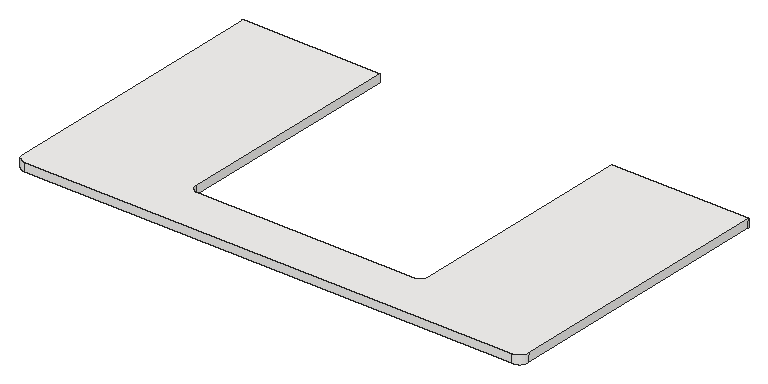
Revit family "console with cutout for countertop basin ground", category Furniture, Revit 2019 (continued)
  Console 1360_550 with cutout left for countertop basin ground 500_480-54097050-GLOSSY_WHITE-200 | "10" | "GLOSSY_WHITE" | "Surfaces:    - 54097050 High Gloss White  - 54097910 Diamond Matt Grey  - 54097230 Natural Oak  - 54097630 Dark Walnut      Specification:" | "https://pro.hansgrohe.com/articledetail--54097050" | "54097XXX" | "Console 1360/550 with cutout left for countertop basin ground 500/480-54097050-GLOSSY_WHITE-200" | "Xelu Q Console 1360/550 with cutout left for countertop basin ground 500/480" | "Console 1360/550 with cutout left for countertop basin ground 500/480-54097050-GLOSSY_WHITE-200" | "{$CADENAS_DATA/23d-libs/hansgrohe/xelu_furniture/console_with_cutout_for_countertop_basin_ground/console_with_cutout_for_countertop_basinground.prj},380 {VTYP=3D},{NB=Console 1360/550 with cutout left for countertop basin ground 500/480-54097050-GLOSSY_WHITE-200},{LINA=Console 1360/550 with cutout left for countertop basin ground 500/480-54097050-GLOSSY_WHITE-200},{NN=Console with cutout for countertop basin ground},{DATE=10.03.2023 08:11:51},{GEOMDATE=08.03.2023 13:28:53},{VERSION=},{LINEID=130},{WBVAR=LODLEVEL},{WBNUMERIC=}  {NB=Console 1360/550 with cutout left for countertop basin ground 500/480-54097050-GLOSSY_WHITE-200},{LINA=Console 1360/550 with cutout left for countertop basin ground 500/480-54097050-GLOSSY_WHITE-200},{KT=DUMMY},{IDNR=13},{ARTNR=54097050},{BASENUMBER=Console 1360/550 with cutout left for countertop basin ground 500/480},{MODEL=54097XXX},{SURFACE=GLOSSY_WHITE},{L=1360},{LODLEVEL=200},{LODLEVELX='400','400','200','200'},{L1=450},{LL=340},{NAME=Xelu Q Console 1360/550 with cutout left for countertop basin ground 500/480},{PERMALINK=54097XXX},{OBJECTTYPE=Object (single object)},{BIMOBJECT=Sanitary: Compound units },{PRODUCTFAMILY=Xelu Q},{PRODUCTGROUP=console},{WEIGHT=10},{DESCRIPTION=Xelu Q Console 1360/550 with cutout left for countertop basin ground 500/480},{SPECIFICATION=Surfaces:    - 54097050 High Gloss White  - 54097910 Diamond Matt Grey  - 54097230 Natural Oak  - 54097630 Dark Walnut      Specification:},{PRODUCTURL=https://pro.hansgrohe.com/articledetail--54097050},{GTINCODE=4059625457412},{TENDERURL=},{IFC=Furnishing element},{ETIM=EC011381 | Bathroom furniture set},{UNICLASS2015=Pr_40_20_76_94 | Vanity units},{OMNICLASS=23-19 31 17 11 | Bathroom Units},{MASTERFORMAT=12 35 30.23 | Bathroom Casework},{UNSPSC=56 | Furniture and Furnishings},{UNIFORMATII=E2010 | Fixed Furnishings},{REGIONSET=Worldwide},{DESIGN=Germany},{MANUFACTURER=Germany}" | "200" | 340 | "Console 1360/550 with cutout left for countertop basin ground 500/480-54097050-GLOSSY_WHITE-200" | 450 | 1360 | 13 | "4059625457412" | no | no | no | no | no | no | no | no | no | no | no | no | no | no | no | no | no | no | no | no | no | no | no | no | no | no | no | no | no | no | no | no | no | no | no | no | no | no | no | no | no | no | no | no | no | no | no | yes | no | no | no | no | no | no | no | no | no | no | no | no | no | no | no | no | "Console 1360/550 with cutout left for countertop basin ground 500/480" | "54097050"
  Console 1360_550 with cutout left for countertop basin ground 500_480-54097050-GLOSSY_WHITE-400 | "10" | "GLOSSY_WHITE" | "Surfaces:    - 54097050 High Gloss White  - 54097910 Diamond Matt Grey  - 54097230 Natural Oak  - 54097630 Dark Walnut      Specification:" | "https://pro.hansgrohe.com/articledetail--54097050" | "54097XXX" | "Console 1360/550 with cutout left for countertop basin ground 500/480-54097050-GLOSSY_WHITE-400" | "Xelu Q Console 1360/550 with cutout left for countertop basin ground 500/480" | "Console 1360/550 with cutout left for countertop basin ground 500/480-54097050-GLOSSY_WHITE-400" | "{$CADENAS_DATA/23d-libs/hansgrohe/xelu_furniture/console_with_cutout_for_countertop_basin_ground/console_with_cutout_for_countertop_basinground.prj},380 {VTYP=3D},{NB=Console 1360/550 with cutout left for countertop basin ground 500/480-54097050-GLOSSY_WHITE-400},{LINA=Console 1360/550 with cutout left for countertop basin ground 500/480-54097050-GLOSSY_WHITE-400},{NN=Console with cutout for countertop basin ground},{DATE=10.03.2023 08:11:51},{GEOMDATE=08.03.2023 13:28:53},{VERSION=},{LINEID=130},{WBVAR=LODLEVEL},{WBNUMERIC=}  {NB=Console 1360/550 with cutout left for countertop basin ground 500/480-54097050-GLOSSY_WHITE-400},{LINA=Console 1360/550 with cutout left for countertop basin ground 500/480-54097050-GLOSSY_WHITE-400},{KT=DUMMY},{IDNR=13},{ARTNR=54097050},{BASENUMBER=Console 1360/550 with cutout left for countertop basin ground 500/480},{MODEL=54097XXX},{SURFACE=GLOSSY_WHITE},{L=1360},{LODLEVEL=400},{LODLEVELX='400','400','200','200'},{L1=450},{LL=340},{NAME=Xelu Q Console 1360/550 with cutout left for countertop basin ground 500/480},{PERMALINK=54097XXX},{OBJECTTYPE=Object (single object)},{BIMOBJECT=Sanitary: Compound units },{PRODUCTFAMILY=Xelu Q},{PRODUCTGROUP=console},{WEIGHT=10},{DESCRIPTION=Xelu Q Console 1360/550 with cutout left for countertop basin ground 500/480},{SPECIFICATION=Surfaces:    - 54097050 High Gloss White  - 54097910 Diamond Matt Grey  - 54097230 Natural Oak  - 54097630 Dark Walnut      Specification:},{PRODUCTURL=https://pro.hansgrohe.com/articledetail--54097050},{GTINCODE=4059625457412},{TENDERURL=},{IFC=Furnishing element},{ETIM=EC011381 | Bathroom furniture set},{UNICLASS2015=Pr_40_20_76_94 | Vanity units},{OMNICLASS=23-19 31 17 11 | Bathroom Units},{MASTERFORMAT=12 35 30.23 | Bathroom Casework},{UNSPSC=56 | Furniture and Furnishings},{UNIFORMATII=E2010 | Fixed Furnishings},{REGIONSET=Worldwide},{DESIGN=Germany},{MANUFACTURER=Germany}" | "400" | 340 | "Console 1360/550 with cutout left for countertop basin ground 500/480-54097050-GLOSSY_WHITE-400" | 450 | 1360 | 13 | "4059625457412" | no | no | no | no | no | no | no | no | no | no | no | no | no | no | no | no | no | no | no | no | no | no | no | no | no | no | no | no | no | no | no | no | no | no | no | no | no | no | no | no | no | no | no | no | no | no | yes | no | no | no | no | no | no | no | no | no | no | no | no | no | no | no | no | no | "Console 1360/550 with cutout left for countertop basin ground 500/480" | "54097050"
  Console 1360_550 with cutout left for countertop basin ground 500_480-54097230-NATURAL_OAK-200 | "10" | "NATURAL_OAK" | "Surfaces:    - 54097050 High Gloss White  - 54097910 Diamond Matt Grey  - 54097230 Natural Oak  - 54097630 Dark Walnut      Specification:" | "https://pro.hansgrohe.com/articledetail--54097050" | "54097XXX" | "Console 1360/550 with cutout left for countertop basin ground 500/480-54097230-NATURAL_OAK-200" | "Xelu Q Console 1360/550 with cutout left for countertop basin ground 500/480" | "Console 1360/550 with cutout left for countertop basin ground 500/480-54097230-NATURAL_OAK-200" | "{$CADENAS_DATA/23d-libs/hansgrohe/xelu_furniture/console_with_cutout_for_countertop_basin_ground/console_with_cutout_for_countertop_basinground.prj},378 {VTYP=3D},{NB=Console 1360/550 with cutout left for countertop basin ground 500/480-54097230-NATURAL_OAK-200},{LINA=Console 1360/550 with cutout left for countertop basin ground 500/480-54097230-NATURAL_OAK-200},{NN=Console with cutout for countertop basin ground},{DATE=10.03.2023 08:11:51},{GEOMDATE=08.03.2023 13:28:53},{VERSION=},{LINEID=160},{WBVAR=LODLEVEL},{WBNUMERIC=}  {NB=Console 1360/550 with cutout left for countertop basin ground 500/480-54097230-NATURAL_OAK-200},{LINA=Console 1360/550 with cutout left for countertop basin ground 500/480-54097230-NATURAL_OAK-200},{KT=DUMMY},{IDNR=16},{ARTNR=54097230},{BASENUMBER=Console 1360/550 with cutout left for countertop basin ground 500/480},{MODEL=54097XXX},{SURFACE=NATURAL_OAK},{L=1360},{LODLEVEL=200},{LODLEVELX='400','400','200','200'},{L1=450},{LL=340},{NAME=Xelu Q Console 1360/550 with cutout left for countertop basin ground 500/480},{PERMALINK=54097XXX},{OBJECTTYPE=Object (single object)},{BIMOBJECT=Sanitary: Compound units },{PRODUCTFAMILY=Xelu Q},{PRODUCTGROUP=console},{WEIGHT=10},{DESCRIPTION=Xelu Q Console 1360/550 with cutout left for countertop basin ground 500/480},{SPECIFICATION=Surfaces:    - 54097050 High Gloss White  - 54097910 Diamond Matt Grey  - 54097230 Natural Oak  - 54097630 Dark Walnut      Specification:},{PRODUCTURL=https://pro.hansgrohe.com/articledetail--54097050},{GTINCODE=4059625457412},{TENDERURL=},{IFC=Furnishing element},{ETIM=EC011381 | Bathroom furniture set},{UNICLASS2015=Pr_40_20_76_94 | Vanity units},{OMNICLASS=23-19 31 17 11 | Bathroom Units},{MASTERFORMAT=12 35 30.23 | Bathroom Casework},{UNSPSC=56 | Furniture and Furnishings},{UNIFORMATII=E2010 | Fixed Furnishings},{REGIONSET=Worldwide},{DESIGN=Germany},{MANUFACTURER=Germany}" | "200" | 340 | "Console 1360/550 with cutout left for countertop basin ground 500/480-54097230-NATURAL_OAK-200" | 450 | 1360 | 16 | "4059625457412" | no | no | no | no | no | no | no | no | no | no | no | no | no | no | no | no | no | no | no | no | no | no | no | no | no | no | no | no | no | no | no | no | no | no | no | no | no | no | no | no | no | no | no | no | no | yes | no | no | no | no | no | no | no | no | no | no | no | no | no | no | no | no | no | no | "Console 1360/550 with cutout left for countertop basin ground 500/480" | "54097230"
  Console 1360_550 with cutout left for countertop basin ground 500_480-54097230-NATURAL_OAK-400 | "10" | "NATURAL_OAK" | "Surfaces:    - 54097050 High Gloss White  - 54097910 Diamond Matt Grey  - 54097230 Natural Oak  - 54097630 Dark Walnut      Specification:" | "https://pro.hansgrohe.com/articledetail--54097050" | "54097XXX" | "Console 1360/550 with cutout left for countertop basin ground 500/480-54097230-NATURAL_OAK-400" | "Xelu Q Console 1360/550 with cutout left for countertop basin ground 500/480" | "Console 1360/550 with cutout left for countertop basin ground 500/480-54097230-NATURAL_OAK-400" | "{$CADENAS_DATA/23d-libs/hansgrohe/xelu_furniture/console_with_cutout_for_countertop_basin_ground/console_with_cutout_for_countertop_basinground.prj},378 {VTYP=3D},{NB=Console 1360/550 with cutout left for countertop basin ground 500/480-54097230-NATURAL_OAK-400},{LINA=Console 1360/550 with cutout left for countertop basin ground 500/480-54097230-NATURAL_OAK-400},{NN=Console with cutout for countertop basin ground},{DATE=10.03.2023 08:11:51},{GEOMDATE=08.03.2023 13:28:53},{VERSION=},{LINEID=160},{WBVAR=LODLEVEL},{WBNUMERIC=}  {NB=Console 1360/550 with cutout left for countertop basin ground 500/480-54097230-NATURAL_OAK-400},{LINA=Console 1360/550 with cutout left for countertop basin ground 500/480-54097230-NATURAL_OAK-400},{KT=DUMMY},{IDNR=16},{ARTNR=54097230},{BASENUMBER=Console 1360/550 with cutout left for countertop basin ground 500/480},{MODEL=54097XXX},{SURFACE=NATURAL_OAK},{L=1360},{LODLEVEL=400},{LODLEVELX='400','400','200','200'},{L1=450},{LL=340},{NAME=Xelu Q Console 1360/550 with cutout left for countertop basin ground 500/480},{PERMALINK=54097XXX},{OBJECTTYPE=Object (single object)},{BIMOBJECT=Sanitary: Compound units },{PRODUCTFAMILY=Xelu Q},{PRODUCTGROUP=console},{WEIGHT=10},{DESCRIPTION=Xelu Q Console 1360/550 with cutout left for countertop basin ground 500/480},{SPECIFICATION=Surfaces:    - 54097050 High Gloss White  - 54097910 Diamond Matt Grey  - 54097230 Natural Oak  - 54097630 Dark Walnut      Specification:},{PRODUCTURL=https://pro.hansgrohe.com/articledetail--54097050},{GTINCODE=4059625457412},{TENDERURL=},{IFC=Furnishing element},{ETIM=EC011381 | Bathroom furniture set},{UNICLASS2015=Pr_40_20_76_94 | Vanity units},{OMNICLASS=23-19 31 17 11 | Bathroom Units},{MASTERFORMAT=12 35 30.23 | Bathroom Casework},{UNSPSC=56 | Furniture and Furnishings},{UNIFORMATII=E2010 | Fixed Furnishings},{REGIONSET=Worldwide},{DESIGN=Germany},{MANUFACTURER=Germany}" | "400" | 340 | "Console 1360/550 with cutout left for countertop basin ground 500/480-54097230-NATURAL_OAK-400" | 450 | 1360 | 16 | "4059625457412" | no | no | no | no | no | no | no | no | no | no | no | no | no | no | no | no | no | no | no | no | no | no | no | no | no | no | no | no | no | no | no | no | no | no | no | no | no | no | no | no | no | no | no | no | yes | no | no | no | no | no | no | no | no | no | no | no | no | no | no | no | no | no | no | no | "Console 1360/550 with cutout left for countertop basin ground 500/480" | "54097230"
  Console 1360_550 with cutout left for countertop basin ground 500_480-54097630-DARK_WALNUT-200 | "10" | "DARK_WALNUT" | "Surfaces:    - 54097050 High Gloss White  - 54097910 Diamond Matt Grey  - 54097230 Natural Oak  - 54097630 Dark Walnut      Specification:" | "https://pro.hansgrohe.com/articledetail--54097050" | "54097XXX" | "Console 1360/550 with cutout left for countertop basin ground 500/480-54097630-DARK_WALNUT-200" | "Xelu Q Console 1360/550 with cutout left for countertop basin ground 500/480" | "Console 1360/550 with cutout left for countertop basin ground 500/480-54097630-DARK_WALNUT-200" | "{$CADENAS_DATA/23d-libs/hansgrohe/xelu_furniture/console_with_cutout_for_countertop_basin_ground/console_with_cutout_for_countertop_basinground.prj},378 {VTYP=3D},{NB=Console 1360/550 with cutout left for countertop basin ground 500/480-54097630-DARK_WALNUT-200},{LINA=Console 1360/550 with cutout left for countertop basin ground 500/480-54097630-DARK_WALNUT-200},{NN=Console with cutout for countertop basin ground},{DATE=10.03.2023 08:11:51},{GEOMDATE=08.03.2023 13:28:53},{VERSION=},{LINEID=150},{WBVAR=LODLEVEL},{WBNUMERIC=}  {NB=Console 1360/550 with cutout left for countertop basin ground 500/480-54097630-DARK_WALNUT-200},{LINA=Console 1360/550 with cutout left for countertop basin ground 500/480-54097630-DARK_WALNUT-200},{KT=DUMMY},{IDNR=15},{ARTNR=54097630},{BASENUMBER=Console 1360/550 with cutout left for countertop basin ground 500/480},{MODEL=54097XXX},{SURFACE=DARK_WALNUT},{L=1360},{LODLEVEL=200},{LODLEVELX='400','400','200','200'},{L1=450},{LL=340},{NAME=Xelu Q Console 1360/550 with cutout left for countertop basin ground 500/480},{PERMALINK=54097XXX},{OBJECTTYPE=Object (single object)},{BIMOBJECT=Sanitary: Compound units },{PRODUCTFAMILY=Xelu Q},{PRODUCTGROUP=console},{WEIGHT=10},{DESCRIPTION=Xelu Q Console 1360/550 with cutout left for countertop basin ground 500/480},{SPECIFICATION=Surfaces:    - 54097050 High Gloss White  - 54097910 Diamond Matt Grey  - 54097230 Natural Oak  - 54097630 Dark Walnut      Specification:},{PRODUCTURL=https://pro.hansgrohe.com/articledetail--54097050},{GTINCODE=4059625457412},{TENDERURL=},{IFC=Furnishing element},{ETIM=EC011381 | Bathroom furniture set},{UNICLASS2015=Pr_40_20_76_94 | Vanity units},{OMNICLASS=23-19 31 17 11 | Bathroom Units},{MASTERFORMAT=12 35 30.23 | Bathroom Casework},{UNSPSC=56 | Furniture and Furnishings},{UNIFORMATII=E2010 | Fixed Furnishings},{REGIONSET=Worldwide},{DESIGN=Germany},{MANUFACTURER=Germany}" | "200" | 340 | "Console 1360/550 with cutout left for countertop basin ground 500/480-54097630-DARK_WALNUT-200" | 450 | 1360 | 15 | "4059625457412" | no | no | no | no | no | no | no | no | no | no | no | no | no | no | no | no | no | no | no | no | no | no | no | no | no | no | no | no | no | no | no | no | no | no | no | no | no | no | no | no | no | no | no | yes | no | no | no | no | no | no | no | no | no | no | no | no | no | no | no | no | no | no | no | no | "Console 1360/550 with cutout left for countertop basin ground 500/480" | "54097630"
  Console 1360_550 with cutout left for countertop basin ground 500_480-54097630-DARK_WALNUT-400 | "10" | "DARK_WALNUT" | "Surfaces:    - 54097050 High Gloss White  - 54097910 Diamond Matt Grey  - 54097230 Natural Oak  - 54097630 Dark Walnut      Specification:" | "https://pro.hansgrohe.com/articledetail--54097050" | "54097XXX" | "Console 1360/550 with cutout left for countertop basin ground 500/480-54097630-DARK_WALNUT-400" | "Xelu Q Console 1360/550 with cutout left for countertop basin ground 500/480" | "Console 1360/550 with cutout left for countertop basin ground 500/480-54097630-DARK_WALNUT-400" | "{$CADENAS_DATA/23d-libs/hansgrohe/xelu_furniture/console_with_cutout_for_countertop_basin_ground/console_with_cutout_for_countertop_basinground.prj},378 {VTYP=3D},{NB=Console 1360/550 with cutout left for countertop basin ground 500/480-54097630-DARK_WALNUT-400},{LINA=Console 1360/550 with cutout left for countertop basin ground 500/480-54097630-DARK_WALNUT-400},{NN=Console with cutout for countertop basin ground},{DATE=10.03.2023 08:11:51},{GEOMDATE=08.03.2023 13:28:53},{VERSION=},{LINEID=150},{WBVAR=LODLEVEL},{WBNUMERIC=}  {NB=Console 1360/550 with cutout left for countertop basin ground 500/480-54097630-DARK_WALNUT-400},{LINA=Console 1360/550 with cutout left for countertop basin ground 500/480-54097630-DARK_WALNUT-400},{KT=DUMMY},{IDNR=15},{ARTNR=54097630},{BASENUMBER=Console 1360/550 with cutout left for countertop basin ground 500/480},{MODEL=54097XXX},{SURFACE=DARK_WALNUT},{L=1360},{LODLEVEL=400},{LODLEVELX='400','400','200','200'},{L1=450},{LL=340},{NAME=Xelu Q Console 1360/550 with cutout left for countertop basin ground 500/480},{PERMALINK=54097XXX},{OBJECTTYPE=Object (single object)},{BIMOBJECT=Sanitary: Compound units },{PRODUCTFAMILY=Xelu Q},{PRODUCTGROUP=console},{WEIGHT=10},{DESCRIPTION=Xelu Q Console 1360/550 with cutout left for countertop basin ground 500/480},{SPECIFICATION=Surfaces:    - 54097050 High Gloss White  - 54097910 Diamond Matt Grey  - 54097230 Natural Oak  - 54097630 Dark Walnut      Specification:},{PRODUCTURL=https://pro.hansgrohe.com/articledetail--54097050},{GTINCODE=4059625457412},{TENDERURL=},{IFC=Furnishing element},{ETIM=EC011381 | Bathroom furniture set},{UNICLASS2015=Pr_40_20_76_94 | Vanity units},{OMNICLASS=23-19 31 17 11 | Bathroom Units},{MASTERFORMAT=12 35 30.23 | Bathroom Casework},{UNSPSC=56 | Furniture and Furnishings},{UNIFORMATII=E2010 | Fixed Furnishings},{REGIONSET=Worldwide},{DESIGN=Germany},{MANUFACTURER=Germany}" | "400" | 340 | "Console 1360/550 with cutout left for countertop basin ground 500/480-54097630-DARK_WALNUT-400" | 450 | 1360 | 15 | "4059625457412" | no | no | no | no | no | no | no | no | no | no | no | no | no | no | no | no | no | no | no | no | no | no | no | no | no | no | no | no | no | no | no | no | no | no | no | no | no | no | no | no | no | no | yes | no | no | no | no | no | no | no | no | no | no | no | no | no | no | no | no | no | no | no | no | no | "Console 1360/550 with cutout left for countertop basin ground 500/480" | "54097630"
  Console 1360_550 with cutout left for countertop basin ground 500_480-54097910-DIAMOND_GREY-200 | "10" | "DIAMOND_GREY" | "Surfaces:    - 54097050 High Gloss White  - 54097910 Diamond Matt Grey  - 54097230 Natural Oak  - 54097630 Dark Walnut      Specification:" | "https://pro.hansgrohe.com/articledetail--54097050" | "54097XXX" | "Console 1360/550 with cutout left for countertop basin ground 500/480-54097910-DIAMOND_GREY-200" | "Xelu Q Console 1360/550 with cutout left for countertop basin ground 500/480" | "Console 1360/550 with cutout left for countertop basin ground 500/480-54097910-DIAMOND_GREY-200" | "{$CADENAS_DATA/23d-libs/hansgrohe/xelu_furniture/console_with_cutout_for_countertop_basin_ground/console_with_cutout_for_countertop_basinground.prj},380 {VTYP=3D},{NB=Console 1360/550 with cutout left for countertop basin ground 500/480-54097910-DIAMOND_GREY-200},{LINA=Console 1360/550 with cutout left for countertop basin ground 500/480-54097910-DIAMOND_GREY-200},{NN=Console with cutout for countertop basin ground},{DATE=10.03.2023 08:11:51},{GEOMDATE=08.03.2023 13:28:53},{VERSION=},{LINEID=140},{WBVAR=LODLEVEL},{WBNUMERIC=}  {NB=Console 1360/550 with cutout left for countertop basin ground 500/480-54097910-DIAMOND_GREY-200},{LINA=Console 1360/550 with cutout left for countertop basin ground 500/480-54097910-DIAMOND_GREY-200},{KT=DUMMY},{IDNR=14},{ARTNR=54097910},{BASENUMBER=Console 1360/550 with cutout left for countertop basin ground 500/480},{MODEL=54097XXX},{SURFACE=DIAMOND_GREY},{L=1360},{LODLEVEL=200},{LODLEVELX='400','400','200','200'},{L1=450},{LL=340},{NAME=Xelu Q Console 1360/550 with cutout left for countertop basin ground 500/480},{PERMALINK=54097XXX},{OBJECTTYPE=Object (single object)},{BIMOBJECT=Sanitary: Compound units },{PRODUCTFAMILY=Xelu Q},{PRODUCTGROUP=console},{WEIGHT=10},{DESCRIPTION=Xelu Q Console 1360/550 with cutout left for countertop basin ground 500/480},{SPECIFICATION=Surfaces:    - 54097050 High Gloss White  - 54097910 Diamond Matt Grey  - 54097230 Natural Oak  - 54097630 Dark Walnut      Specification:},{PRODUCTURL=https://pro.hansgrohe.com/articledetail--54097050},{GTINCODE=4059625457412},{TENDERURL=},{IFC=Furnishing element},{ETIM=EC011381 | Bathroom furniture set},{UNICLASS2015=Pr_40_20_76_94 | Vanity units},{OMNICLASS=23-19 31 17 11 | Bathroom Units},{MASTERFORMAT=12 35 30.23 | Bathroom Casework},{UNSPSC=56 | Furniture and Furnishings},{UNIFORMATII=E2010 | Fixed Furnishings},{REGIONSET=Worldwide},{DESIGN=Germany},{MANUFACTURER=Germany}" | "200" | 340 | "Console 1360/550 with cutout left for countertop basin ground 500/480-54097910-DIAMOND_GREY-200" | 450 | 1360 | 14 | "4059625457412" | no | no | no | no | no | no | no | no | no | no | no | no | no | no | no | no | no | no | no | no | no | no | no | no | no | no | no | no | no | no | no | no | no | no | no | no | no | no | no | no | no | yes | no | no | no | no | no | no | no | no | no | no | no | no | no | no | no | no | no | no | no | no | no | no | "Console 1360/550 with cutout left for countertop basin ground 500/480" | "54097910"
  Console 1360_550 with cutout left for countertop basin ground 500_480-54097910-DIAMOND_GREY-400 | "10" | "DIAMOND_GREY" | "Surfaces:    - 54097050 High Gloss White  - 54097910 Diamond Matt Grey  - 54097230 Natural Oak  - 54097630 Dark Walnut      Specification:" | "https://pro.hansgrohe.com/articledetail--54097050" | "54097XXX" | "Console 1360/550 with cutout left for countertop basin ground 500/480-54097910-DIAMOND_GREY-400" | "Xelu Q Console 1360/550 with cutout left for countertop basin ground 500/480" | "Console 1360/550 with cutout left for countertop basin ground 500/480-54097910-DIAMOND_GREY-400" | "{$CADENAS_DATA/23d-libs/hansgrohe/xelu_furniture/console_with_cutout_for_countertop_basin_ground/console_with_cutout_for_countertop_basinground.prj},380 {VTYP=3D},{NB=Console 1360/550 with cutout left for countertop basin ground 500/480-54097910-DIAMOND_GREY-400},{LINA=Console 1360/550 with cutout left for countertop basin ground 500/480-54097910-DIAMOND_GREY-400},{NN=Console with cutout for countertop basin ground},{DATE=10.03.2023 08:11:51},{GEOMDATE=08.03.2023 13:28:53},{VERSION=},{LINEID=140},{WBVAR=LODLEVEL},{WBNUMERIC=}  {NB=Console 1360/550 with cutout left for countertop basin ground 500/480-54097910-DIAMOND_GREY-400},{LINA=Console 1360/550 with cutout left for countertop basin ground 500/480-54097910-DIAMOND_GREY-400},{KT=DUMMY},{IDNR=14},{ARTNR=54097910},{BASENUMBER=Console 1360/550 with cutout left for countertop basin ground 500/480},{MODEL=54097XXX},{SURFACE=DIAMOND_GREY},{L=1360},{LODLEVEL=400},{LODLEVELX='400','400','200','200'},{L1=450},{LL=340},{NAME=Xelu Q Console 1360/550 with cutout left for countertop basin ground 500/480},{PERMALINK=54097XXX},{OBJECTTYPE=Object (single object)},{BIMOBJECT=Sanitary: Compound units },{PRODUCTFAMILY=Xelu Q},{PRODUCTGROUP=console},{WEIGHT=10},{DESCRIPTION=Xelu Q Console 1360/550 with cutout left for countertop basin ground 500/480},{SPECIFICATION=Surfaces:    - 54097050 High Gloss White  - 54097910 Diamond Matt Grey  - 54097230 Natural Oak  - 54097630 Dark Walnut      Specification:},{PRODUCTURL=https://pro.hansgrohe.com/articledetail--54097050},{GTINCODE=4059625457412},{TENDERURL=},{IFC=Furnishing element},{ETIM=EC011381 | Bathroom furniture set},{UNICLASS2015=Pr_40_20_76_94 | Vanity units},{OMNICLASS=23-19 31 17 11 | Bathroom Units},{MASTERFORMAT=12 35 30.23 | Bathroom Casework},{UNSPSC=56 | Furniture and Furnishings},{UNIFORMATII=E2010 | Fixed Furnishings},{REGIONSET=Worldwide},{DESIGN=Germany},{MANUFACTURER=Germany}" | "400" | 340 | "Console 1360/550 with cutout left for countertop basin ground 500/480-54097910-DIAMOND_GREY-400" | 450 | 1360 | 14 | "4059625457412" | no | no | no | no | no | no | no | no | no | no | no | no | no | no | no | no | no | no | no | no | no | no | no | no | no | no | no | no | no | no | no | no | no | no | no | no | no | no | no | no | yes | no | no | no | no | no | no | no | no | no | no | no | no | no | no | no | no | no | no | no | no | no | no | no | "Console 1360/550 with cutout left for countertop basin ground 500/480" | "54097910"
  Console 1360_550 with cutout right for countertop basin ground 500_480-54098050-GLOSSY_WHITE-200 | "10" | "GLOSSY_WHITE" | "Surfaces:    - 54098050 High Gloss White  - 54098910 Diamond Matt Grey  - 54098230 Natural Oak  - 54098630 Dark Walnut      Specification:" | "https://pro.hansgrohe.com/articledetail--54098050" | "54098XXX" | "Console 1360/550 with cutout right for countertop basin ground 500/480-54098050-GLOSSY_WHITE-200" | "Xelu Q Console 1360/550 with cutout right for countertop basin ground 500/480" | "Console 1360/550 with cutout right for countertop basin ground 500/480-54098050-GLOSSY_WHITE-200" | "{$CADENAS_DATA/23d-libs/hansgrohe/xelu_furniture/console_with_cutout_for_countertop_basin_ground/console_with_cutout_for_countertop_basinground.prj},382 {VTYP=3D},{NB=Console 1360/550 with cutout right for countertop basin ground 500/480-54098050-GLOSSY_WHITE-200},{LINA=Console 1360/550 with cutout right for countertop basin ground 500/480-54098050-GLOSSY_WHITE-200},{NN=Console with cutout for countertop basin ground},{DATE=10.03.2023 08:11:51},{GEOMDATE=08.03.2023 13:28:53},{VERSION=},{LINEID=170},{WBVAR=LODLEVEL},{WBNUMERIC=}  {NB=Console 1360/550 with cutout right for countertop basin ground 500/480-54098050-GLOSSY_WHITE-200},{LINA=Console 1360/550 with cutout right for countertop basin ground 500/480-54098050-GLOSSY_WHITE-200},{KT=DUMMY},{IDNR=17},{ARTNR=54098050},{BASENUMBER=Console 1360/550 with cutout right for countertop basin ground 500/480},{MODEL=54098XXX},{SURFACE=GLOSSY_WHITE},{L=1360},{LODLEVEL=200},{LODLEVELX='400','400','200','200'},{L1=450},{LL=1020},{NAME=Xelu Q Console 1360/550 with cutout right for countertop basin ground 500/480},{PERMALINK=54098XXX},{OBJECTTYPE=Object (single object)},{BIMOBJECT=Sanitary: Compound units },{PRODUCTFAMILY=Xelu Q},{PRODUCTGROUP=console},{WEIGHT=10},{DESCRIPTION=Xelu Q Console 1360/550 with cutout right for countertop basin ground 500/480},{SPECIFICATION=Surfaces:    - 54098050 High Gloss White  - 54098910 Diamond Matt Grey  - 54098230 Natural Oak  - 54098630 Dark Walnut      Specification:},{PRODUCTURL=https://pro.hansgrohe.com/articledetail--54098050},{GTINCODE=4059625457375},{TENDERURL=},{IFC=Furnishing element},{ETIM=EC011381 | Bathroom furniture set},{UNICLASS2015=Pr_40_20_76_94 | Vanity units},{OMNICLASS=23-19 31 17 11 | Bathroom Units},{MASTERFORMAT=12 35 30.23 | Bathroom Casework},{UNSPSC=56 | Furniture and Furnishings},{UNIFORMATII=E2010 | Fixed Furnishings},{REGIONSET=Worldwide},{DESIGN=Germany},{MANUFACTURER=Germany}" | "200" | 1020 | "Console 1360/550 with cutout right for countertop basin ground 500/480-54098050-GLOSSY_WHITE-200" | 450 | 1360 | 17 | "4059625457375" | no | no | no | no | no | no | no | no | no | no | no | no | no | no | no | no | no | no | no | no | no | no | no | no | no | no | no | no | no | no | no | no | no | no | no | no | no | no | no | yes | no | no | no | no | no | no | no | no | no | no | no | no | no | no | no | no | no | no | no | no | no | no | no | no | "Console 1360/550 with cutout right for countertop basin ground 500/480" | "54098050"
  Console 1360_550 with cutout right for countertop basin ground 500_480-54098050-GLOSSY_WHITE-400 | "10" | "GLOSSY_WHITE" | "Surfaces:    - 54098050 High Gloss White  - 54098910 Diamond Matt Grey  - 54098230 Natural Oak  - 54098630 Dark Walnut      Specification:" | "https://pro.hansgrohe.com/articledetail--54098050" | "54098XXX" | "Console 1360/550 with cutout right for countertop basin ground 500/480-54098050-GLOSSY_WHITE-400" | "Xelu Q Console 1360/550 with cutout right for countertop basin ground 500/480" | "Console 1360/550 with cutout right for countertop basin ground 500/480-54098050-GLOSSY_WHITE-400" | "{$CADENAS_DATA/23d-libs/hansgrohe/xelu_furniture/console_with_cutout_for_countertop_basin_ground/console_with_cutout_for_countertop_basinground.prj},382 {VTYP=3D},{NB=Console 1360/550 with cutout right for countertop basin ground 500/480-54098050-GLOSSY_WHITE-400},{LINA=Console 1360/550 with cutout right for countertop basin ground 500/480-54098050-GLOSSY_WHITE-400},{NN=Console with cutout for countertop basin ground},{DATE=10.03.2023 08:11:51},{GEOMDATE=08.03.2023 13:28:53},{VERSION=},{LINEID=170},{WBVAR=LODLEVEL},{WBNUMERIC=}  {NB=Console 1360/550 with cutout right for countertop basin ground 500/480-54098050-GLOSSY_WHITE-400},{LINA=Console 1360/550 with cutout right for countertop basin ground 500/480-54098050-GLOSSY_WHITE-400},{KT=DUMMY},{IDNR=17},{ARTNR=54098050},{BASENUMBER=Console 1360/550 with cutout right for countertop basin ground 500/480},{MODEL=54098XXX},{SURFACE=GLOSSY_WHITE},{L=1360},{LODLEVEL=400},{LODLEVELX='400','400','200','200'},{L1=450},{LL=1020},{NAME=Xelu Q Console 1360/550 with cutout right for countertop basin ground 500/480},{PERMALINK=54098XXX},{OBJECTTYPE=Object (single object)},{BIMOBJECT=Sanitary: Compound units },{PRODUCTFAMILY=Xelu Q},{PRODUCTGROUP=console},{WEIGHT=10},{DESCRIPTION=Xelu Q Console 1360/550 with cutout right for countertop basin ground 500/480},{SPECIFICATION=Surfaces:    - 54098050 High Gloss White  - 54098910 Diamond Matt Grey  - 54098230 Natural Oak  - 54098630 Dark Walnut      Specification:},{PRODUCTURL=https://pro.hansgrohe.com/articledetail--54098050},{GTINCODE=4059625457375},{TENDERURL=},{IFC=Furnishing element},{ETIM=EC011381 | Bathroom furniture set},{UNICLASS2015=Pr_40_20_76_94 | Vanity units},{OMNICLASS=23-19 31 17 11 | Bathroom Units},{MASTERFORMAT=12 35 30.23 | Bathroom Casework},{UNSPSC=56 | Furniture and Furnishings},{UNIFORMATII=E2010 | Fixed Furnishings},{REGIONSET=Worldwide},{DESIGN=Germany},{MANUFACTURER=Germany}" | "400" | 1020 | "Console 1360/550 with cutout right for countertop basin ground 500/480-54098050-GLOSSY_WHITE-400" | 450 | 1360 | 17 | "4059625457375" | no | no | no | no | no | no | no | no | no | no | no | no | no | no | no | no | no | no | no | no | no | no | no | no | no | no | no | no | no | no | no | no | no | no | no | no | no | no | yes | no | no | no | no | no | no | no | no | no | no | no | no | no | no | no | no | no | no | no | no | no | no | no | no | no | "Console 1360/550 with cutout right for countertop basin ground 500/480" | "54098050"
  Console 1360_550 with cutout right for countertop basin ground 500_480-54098230-NATURAL_OAK-200 | "10" | "NATURAL_OAK" | "Surfaces:    - 54098050 High Gloss White  - 54098910 Diamond Matt Grey  - 54098230 Natural Oak  - 54098630 Dark Walnut      Specification:" | "https://pro.hansgrohe.com/articledetail--54098050" | "54098XXX" | "Console 1360/550 with cutout right for countertop basin ground 500/480-54098230-NATURAL_OAK-200" | "Xelu Q Console 1360/550 with cutout right for countertop basin ground 500/480" | "Console 1360/550 with cutout right for countertop basin ground 500/480-54098230-NATURAL_OAK-200" | "{$CADENAS_DATA/23d-libs/hansgrohe/xelu_furniture/console_with_cutout_for_countertop_basin_ground/console_with_cutout_for_countertop_basinground.prj},380 {VTYP=3D},{NB=Console 1360/550 with cutout right for countertop basin ground 500/480-54098230-NATURAL_OAK-200},{LINA=Console 1360/550 with cutout right for countertop basin ground 500/480-54098230-NATURAL_OAK-200},{NN=Console with cutout for countertop basin ground},{DATE=10.03.2023 08:11:51},{GEOMDATE=08.03.2023 13:28:53},{VERSION=},{LINEID=200},{WBVAR=LODLEVEL},{WBNUMERIC=}  {NB=Console 1360/550 with cutout right for countertop basin ground 500/480-54098230-NATURAL_OAK-200},{LINA=Console 1360/550 with cutout right for countertop basin ground 500/480-54098230-NATURAL_OAK-200},{KT=DUMMY},{IDNR=20},{ARTNR=54098230},{BASENUMBER=Console 1360/550 with cutout right for countertop basin ground 500/480},{MODEL=54098XXX},{SURFACE=NATURAL_OAK},{L=1360},{LODLEVEL=200},{LODLEVELX='400','400','200','200'},{L1=450},{LL=1020},{NAME=Xelu Q Console 1360/550 with cutout right for countertop basin ground 500/480},{PERMALINK=54098XXX},{OBJECTTYPE=Object (single object)},{BIMOBJECT=Sanitary: Compound units },{PRODUCTFAMILY=Xelu Q},{PRODUCTGROUP=console},{WEIGHT=10},{DESCRIPTION=Xelu Q Console 1360/550 with cutout right for countertop basin ground 500/480},{SPECIFICATION=Surfaces:    - 54098050 High Gloss White  - 54098910 Diamond Matt Grey  - 54098230 Natural Oak  - 54098630 Dark Walnut      Specification:},{PRODUCTURL=https://pro.hansgrohe.com/articledetail--54098050},{GTINCODE=4059625457375},{TENDERURL=},{IFC=Furnishing element},{ETIM=EC011381 | Bathroom furniture set},{UNICLASS2015=Pr_40_20_76_94 | Vanity units},{OMNICLASS=23-19 31 17 11 | Bathroom Units},{MASTERFORMAT=12 35 30.23 | Bathroom Casework},{UNSPSC=56 | Furniture and Furnishings},{UNIFORMATII=E2010 | Fixed Furnishings},{REGIONSET=Worldwide},{DESIGN=Germany},{MANUFACTURER=Germany}" | "200" | 1020 | "Console 1360/550 with cutout right for countertop basin ground 500/480-54098230-NATURAL_OAK-200" | 450 | 1360 | 20 | "4059625457375" | no | no | no | no | no | no | no | no | no | no | no | no | no | no | no | no | no | no | no | no | no | no | no | no | no | no | no | no | no | no | no | no | no | no | no | no | no | yes | no | no | no | no | no | no | no | no | no | no | no | no | no | no | no | no | no | no | no | no | no | no | no | no | no | no | "Console 1360/550 with cutout right for countertop basin ground 500/480" | "54098230"
  Console 1360_550 with cutout right for countertop basin ground 500_480-54098230-NATURAL_OAK-400 | "10" | "NATURAL_OAK" | "Surfaces:    - 54098050 High Gloss White  - 54098910 Diamond Matt Grey  - 54098230 Natural Oak  - 54098630 Dark Walnut      Specification:" | "https://pro.hansgrohe.com/articledetail--54098050" | "54098XXX" | "Console 1360/550 with cutout right for countertop basin ground 500/480-54098230-NATURAL_OAK-400" | "Xelu Q Console 1360/550 with cutout right for countertop basin ground 500/480" | "Console 1360/550 with cutout right for countertop basin ground 500/480-54098230-NATURAL_OAK-400" | "{$CADENAS_DATA/23d-libs/hansgrohe/xelu_furniture/console_with_cutout_for_countertop_basin_ground/console_with_cutout_for_countertop_basinground.prj},380 {VTYP=3D},{NB=Console 1360/550 with cutout right for countertop basin ground 500/480-54098230-NATURAL_OAK-400},{LINA=Console 1360/550 with cutout right for countertop basin ground 500/480-54098230-NATURAL_OAK-400},{NN=Console with cutout for countertop basin ground},{DATE=10.03.2023 08:11:51},{GEOMDATE=08.03.2023 13:28:53},{VERSION=},{LINEID=200},{WBVAR=LODLEVEL},{WBNUMERIC=}  {NB=Console 1360/550 with cutout right for countertop basin ground 500/480-54098230-NATURAL_OAK-400},{LINA=Console 1360/550 with cutout right for countertop basin ground 500/480-54098230-NATURAL_OAK-400},{KT=DUMMY},{IDNR=20},{ARTNR=54098230},{BASENUMBER=Console 1360/550 with cutout right for countertop basin ground 500/480},{MODEL=54098XXX},{SURFACE=NATURAL_OAK},{L=1360},{LODLEVEL=400},{LODLEVELX='400','400','200','200'},{L1=450},{LL=1020},{NAME=Xelu Q Console 1360/550 with cutout right for countertop basin ground 500/480},{PERMALINK=54098XXX},{OBJECTTYPE=Object (single object)},{BIMOBJECT=Sanitary: Compound units },{PRODUCTFAMILY=Xelu Q},{PRODUCTGROUP=console},{WEIGHT=10},{DESCRIPTION=Xelu Q Console 1360/550 with cutout right for countertop basin ground 500/480},{SPECIFICATION=Surfaces:    - 54098050 High Gloss White  - 54098910 Diamond Matt Grey  - 54098230 Natural Oak  - 54098630 Dark Walnut      Specification:},{PRODUCTURL=https://pro.hansgrohe.com/articledetail--54098050},{GTINCODE=4059625457375},{TENDERURL=},{IFC=Furnishing element},{ETIM=EC011381 | Bathroom furniture set},{UNICLASS2015=Pr_40_20_76_94 | Vanity units},{OMNICLASS=23-19 31 17 11 | Bathroom Units},{MASTERFORMAT=12 35 30.23 | Bathroom Casework},{UNSPSC=56 | Furniture and Furnishings},{UNIFORMATII=E2010 | Fixed Furnishings},{REGIONSET=Worldwide},{DESIGN=Germany},{MANUFACTURER=Germany}" | "400" | 1020 | "Console 1360/550 with cutout right for countertop basin ground 500/480-54098230-NATURAL_OAK-400" | 450 | 1360 | 20 | "4059625457375" | no | no | no | no | no | no | no | no | no | no | no | no | no | no | no | no | no | no | no | no | no | no | no | no | no | no | no | no | no | no | no | no | no | no | no | no | yes | no | no | no | no | no | no | no | no | no | no | no | no | no | no | no | no | no | no | no | no | no | no | no | no | no | no | no | "Console 1360/550 with cutout right for countertop basin ground 500/480" | "54098230"
  Console 1360_550 with cutout right for countertop basin ground 500_480-54098630-DARK_WALNUT-200 | "10" | "DARK_WALNUT" | "Surfaces:    - 54098050 High Gloss White  - 54098910 Diamond Matt Grey  - 54098230 Natural Oak  - 54098630 Dark Walnut      Specification:" | "https://pro.hansgrohe.com/articledetail--54098050" | "54098XXX" | "Console 1360/550 with cutout right for countertop basin ground 500/480-54098630-DARK_WALNUT-200" | "Xelu Q Console 1360/550 with cutout right for countertop basin ground 500/480" | "Console 1360/550 with cutout right for countertop basin ground 500/480-54098630-DARK_WALNUT-200" | "{$CADENAS_DATA/23d-libs/hansgrohe/xelu_furniture/console_with_cutout_for_countertop_basin_ground/console_with_cutout_for_countertop_basinground.prj},380 {VTYP=3D},{NB=Console 1360/550 with cutout right for countertop basin ground 500/480-54098630-DARK_WALNUT-200},{LINA=Console 1360/550 with cutout right for countertop basin ground 500/480-54098630-DARK_WALNUT-200},{NN=Console with cutout for countertop basin ground},{DATE=10.03.2023 08:11:51},{GEOMDATE=08.03.2023 13:28:53},{VERSION=},{LINEID=180},{WBVAR=LODLEVEL},{WBNUMERIC=}  {NB=Console 1360/550 with cutout right for countertop basin ground 500/480-54098630-DARK_WALNUT-200},{LINA=Console 1360/550 with cutout right for countertop basin ground 500/480-54098630-DARK_WALNUT-200},{KT=DUMMY},{IDNR=18},{ARTNR=54098630},{BASENUMBER=Console 1360/550 with cutout right for countertop basin ground 500/480},{MODEL=54098XXX},{SURFACE=DARK_WALNUT},{L=1360},{LODLEVEL=200},{LODLEVELX='400','400','200','200'},{L1=450},{LL=1020},{NAME=Xelu Q Console 1360/550 with cutout right for countertop basin ground 500/480},{PERMALINK=54098XXX},{OBJECTTYPE=Object (single object)},{BIMOBJECT=Sanitary: Compound units },{PRODUCTFAMILY=Xelu Q},{PRODUCTGROUP=console},{WEIGHT=10},{DESCRIPTION=Xelu Q Console 1360/550 with cutout right for countertop basin ground 500/480},{SPECIFICATION=Surfaces:    - 54098050 High Gloss White  - 54098910 Diamond Matt Grey  - 54098230 Natural Oak  - 54098630 Dark Walnut      Specification:},{PRODUCTURL=https://pro.hansgrohe.com/articledetail--54098050},{GTINCODE=4059625457375},{TENDERURL=},{IFC=Furnishing element},{ETIM=EC011381 | Bathroom furniture set},{UNICLASS2015=Pr_40_20_76_94 | Vanity units},{OMNICLASS=23-19 31 17 11 | Bathroom Units},{MASTERFORMAT=12 35 30.23 | Bathroom Casework},{UNSPSC=56 | Furniture and Furnishings},{UNIFORMATII=E2010 | Fixed Furnishings},{REGIONSET=Worldwide},{DESIGN=Germany},{MANUFACTURER=Germany}" | "200" | 1020 | "Console 1360/550 with cutout right for countertop basin ground 500/480-54098630-DARK_WALNUT-200" | 450 | 1360 | 18 | "4059625457375" | no | no | no | no | no | no | no | no | no | no | no | no | no | no | no | no | no | no | no | no | no | no | no | no | no | no | no | no | no | no | no | no | no | no | no | yes | no | no | no | no | no | no | no | no | no | no | no | no | no | no | no | no | no | no | no | no | no | no | no | no | no | no | no | no | "Console 1360/550 with cutout right for countertop basin ground 500/480" | "54098630"
  Console 1360_550 with cutout right for countertop basin ground 500_480-54098630-DARK_WALNUT-400 | "10" | "DARK_WALNUT" | "Surfaces:    - 54098050 High Gloss White  - 54098910 Diamond Matt Grey  - 54098230 Natural Oak  - 54098630 Dark Walnut      Specification:" | "https://pro.hansgrohe.com/articledetail--54098050" | "54098XXX" | "Console 1360/550 with cutout right for countertop basin ground 500/480-54098630-DARK_WALNUT-400" | "Xelu Q Console 1360/550 with cutout right for countertop basin ground 500/480" | "Console 1360/550 with cutout right for countertop basin ground 500/480-54098630-DARK_WALNUT-400" | "{$CADENAS_DATA/23d-libs/hansgrohe/xelu_furniture/console_with_cutout_for_countertop_basin_ground/console_with_cutout_for_countertop_basinground.prj},380 {VTYP=3D},{NB=Console 1360/550 with cutout right for countertop basin ground 500/480-54098630-DARK_WALNUT-400},{LINA=Console 1360/550 with cutout right for countertop basin ground 500/480-54098630-DARK_WALNUT-400},{NN=Console with cutout for countertop basin ground},{DATE=10.03.2023 08:11:51},{GEOMDATE=08.03.2023 13:28:53},{VERSION=},{LINEID=180},{WBVAR=LODLEVEL},{WBNUMERIC=}  {NB=Console 1360/550 with cutout right for countertop basin ground 500/480-54098630-DARK_WALNUT-400},{LINA=Console 1360/550 with cutout right for countertop basin ground 500/480-54098630-DARK_WALNUT-400},{KT=DUMMY},{IDNR=18},{ARTNR=54098630},{BASENUMBER=Console 1360/550 with cutout right for countertop basin ground 500/480},{MODEL=54098XXX},{SURFACE=DARK_WALNUT},{L=1360},{LODLEVEL=400},{LODLEVELX='400','400','200','200'},{L1=450},{LL=1020},{NAME=Xelu Q Console 1360/550 with cutout right for countertop basin ground 500/480},{PERMALINK=54098XXX},{OBJECTTYPE=Object (single object)},{BIMOBJECT=Sanitary: Compound units },{PRODUCTFAMILY=Xelu Q},{PRODUCTGROUP=console},{WEIGHT=10},{DESCRIPTION=Xelu Q Console 1360/550 with cutout right for countertop basin ground 500/480},{SPECIFICATION=Surfaces:    - 54098050 High Gloss White  - 54098910 Diamond Matt Grey  - 54098230 Natural Oak  - 54098630 Dark Walnut      Specification:},{PRODUCTURL=https://pro.hansgrohe.com/articledetail--54098050},{GTINCODE=4059625457375},{TENDERURL=},{IFC=Furnishing element},{ETIM=EC011381 | Bathroom furniture set},{UNICLASS2015=Pr_40_20_76_94 | Vanity units},{OMNICLASS=23-19 31 17 11 | Bathroom Units},{MASTERFORMAT=12 35 30.23 | Bathroom Casework},{UNSPSC=56 | Furniture and Furnishings},{UNIFORMATII=E2010 | Fixed Furnishings},{REGIONSET=Worldwide},{DESIGN=Germany},{MANUFACTURER=Germany}" | "400" | 1020 | "Console 1360/550 with cutout right for countertop basin ground 500/480-54098630-DARK_WALNUT-400" | 450 | 1360 | 18 | "4059625457375" | no | no | no | no | no | no | no | no | no | no | no | no | no | no | no | no | no | no | no | no | no | no | no | no | no | no | no | no | no | no | no | no | no | no | yes | no | no | no | no | no | no | no | no | no | no | no | no | no | no | no | no | no | no | no | no | no | no | no | no | no | no | no | no | no | "Console 1360/550 with cutout right for countertop basin ground 500/480" | "54098630"
  Console 1360_550 with cutout right for countertop basin ground 500_480-54098910-DIAMOND_GREY-200 | "10" | "DIAMOND_GREY" | "Surfaces:    - 54098050 High Gloss White  - 54098910 Diamond Matt Grey  - 54098230 Natural Oak  - 54098630 Dark Walnut      Specification:" | "https://pro.hansgrohe.com/articledetail--54098050" | "54098XXX" | "Console 1360/550 with cutout right for countertop basin ground 500/480-54098910-DIAMOND_GREY-200" | "Xelu Q Console 1360/550 with cutout right for countertop basin ground 500/480" | "Console 1360/550 with cutout right for countertop basin ground 500/480-54098910-DIAMOND_GREY-200" | "{$CADENAS_DATA/23d-libs/hansgrohe/xelu_furniture/console_with_cutout_for_countertop_basin_ground/console_with_cutout_for_countertop_basinground.prj},382 {VTYP=3D},{NB=Console 1360/550 with cutout right for countertop basin ground 500/480-54098910-DIAMOND_GREY-200},{LINA=Console 1360/550 with cutout right for countertop basin ground 500/480-54098910-DIAMOND_GREY-200},{NN=Console with cutout for countertop basin ground},{DATE=10.03.2023 08:11:51},{GEOMDATE=08.03.2023 13:28:53},{VERSION=},{LINEID=190},{WBVAR=LODLEVEL},{WBNUMERIC=}  {NB=Console 1360/550 with cutout right for countertop basin ground 500/480-54098910-DIAMOND_GREY-200},{LINA=Console 1360/550 with cutout right for countertop basin ground 500/480-54098910-DIAMOND_GREY-200},{KT=DUMMY},{IDNR=19},{ARTNR=54098910},{BASENUMBER=Console 1360/550 with cutout right for countertop basin ground 500/480},{MODEL=54098XXX},{SURFACE=DIAMOND_GREY},{L=1360},{LODLEVEL=200},{LODLEVELX='400','400','200','200'},{L1=450},{LL=1020},{NAME=Xelu Q Console 1360/550 with cutout right for countertop basin ground 500/480},{PERMALINK=54098XXX},{OBJECTTYPE=Object (single object)},{BIMOBJECT=Sanitary: Compound units },{PRODUCTFAMILY=Xelu Q},{PRODUCTGROUP=console},{WEIGHT=10},{DESCRIPTION=Xelu Q Console 1360/550 with cutout right for countertop basin ground 500/480},{SPECIFICATION=Surfaces:    - 54098050 High Gloss White  - 54098910 Diamond Matt Grey  - 54098230 Natural Oak  - 54098630 Dark Walnut      Specification:},{PRODUCTURL=https://pro.hansgrohe.com/articledetail--54098050},{GTINCODE=4059625457375},{TENDERURL=},{IFC=Furnishing element},{ETIM=EC011381 | Bathroom furniture set},{UNICLASS2015=Pr_40_20_76_94 | Vanity units},{OMNICLASS=23-19 31 17 11 | Bathroom Units},{MASTERFORMAT=12 35 30.23 | Bathroom Casework},{UNSPSC=56 | Furniture and Furnishings},{UNIFORMATII=E2010 | Fixed Furnishings},{REGIONSET=Worldwide},{DESIGN=Germany},{MANUFACTURER=Germany}" | "200" | 1020 | "Console 1360/550 with cutout right for countertop basin ground 500/480-54098910-DIAMOND_GREY-200" | 450 | 1360 | 19 | "4059625457375" | no | no | no | no | no | no | no | no | no | no | no | no | no | no | no | no | no | no | no | no | no | no | no | no | no | no | no | no | no | no | no | no | no | yes | no | no | no | no | no | no | no | no | no | no | no | no | no | no | no | no | no | no | no | no | no | no | no | no | no | no | no | no | no | no | "Console 1360/550 with cutout right for countertop basin ground 500/480" | "54098910"
  Console 1360_550 with cutout right for countertop basin ground 500_480-54098910-DIAMOND_GREY-400 | "10" | "DIAMOND_GREY" | "Surfaces:    - 54098050 High Gloss White  - 54098910 Diamond Matt Grey  - 54098230 Natural Oak  - 54098630 Dark Walnut      Specification:" | "https://pro.hansgrohe.com/articledetail--54098050" | "54098XXX" | "Console 1360/550 with cutout right for countertop basin ground 500/480-54098910-DIAMOND_GREY-400" | "Xelu Q Console 1360/550 with cutout right for countertop basin ground 500/480" | "Console 1360/550 with cutout right for countertop basin ground 500/480-54098910-DIAMOND_GREY-400" | "{$CADENAS_DATA/23d-libs/hansgrohe/xelu_furniture/console_with_cutout_for_countertop_basin_ground/console_with_cutout_for_countertop_basinground.prj},382 {VTYP=3D},{NB=Console 1360/550 with cutout right for countertop basin ground 500/480-54098910-DIAMOND_GREY-400},{LINA=Console 1360/550 with cutout right for countertop basin ground 500/480-54098910-DIAMOND_GREY-400},{NN=Console with cutout for countertop basin ground},{DATE=10.03.2023 08:11:51},{GEOMDATE=08.03.2023 13:28:53},{VERSION=},{LINEID=190},{WBVAR=LODLEVEL},{WBNUMERIC=}  {NB=Console 1360/550 with cutout right for countertop basin ground 500/480-54098910-DIAMOND_GREY-400},{LINA=Console 1360/550 with cutout right for countertop basin ground 500/480-54098910-DIAMOND_GREY-400},{KT=DUMMY},{IDNR=19},{ARTNR=54098910},{BASENUMBER=Console 1360/550 with cutout right for countertop basin ground 500/480},{MODEL=54098XXX},{SURFACE=DIAMOND_GREY},{L=1360},{LODLEVEL=400},{LODLEVELX='400','400','200','200'},{L1=450},{LL=1020},{NAME=Xelu Q Console 1360/550 with cutout right for countertop basin ground 500/480},{PERMALINK=54098XXX},{OBJECTTYPE=Object (single object)},{BIMOBJECT=Sanitary: Compound units },{PRODUCTFAMILY=Xelu Q},{PRODUCTGROUP=console},{WEIGHT=10},{DESCRIPTION=Xelu Q Console 1360/550 with cutout right for countertop basin ground 500/480},{SPECIFICATION=Surfaces:    - 54098050 High Gloss White  - 54098910 Diamond Matt Grey  - 54098230 Natural Oak  - 54098630 Dark Walnut      Specification:},{PRODUCTURL=https://pro.hansgrohe.com/articledetail--54098050},{GTINCODE=4059625457375},{TENDERURL=},{IFC=Furnishing element},{ETIM=EC011381 | Bathroom furniture set},{UNICLASS2015=Pr_40_20_76_94 | Vanity units},{OMNICLASS=23-19 31 17 11 | Bathroom Units},{MASTERFORMAT=12 35 30.23 | Bathroom Casework},{UNSPSC=56 | Furniture and Furnishings},{UNIFORMATII=E2010 | Fixed Furnishings},{REGIONSET=Worldwide},{DESIGN=Germany},{MANUFACTURER=Germany}" | "400" | 1020 | "Console 1360/550 with cutout right for countertop basin ground 500/480-54098910-DIAMOND_GREY-400" | 450 | 1360 | 19 | "4059625457375" | no | no | no | no | no | no | no | no | no | no | no | no | no | no | no | no | no | no | no | no | no | no | no | no | no | no | no | no | no | no | no | no | yes | no | no | no | no | no | no | no | no | no | no | no | no | no | no | no | no | no | no | no | no | no | no | no | no | no | no | no | no | no | no | no | "Console 1360/550 with cutout right for countertop basin ground 500/480" | "54098910"
  Console 780_550 with cutout in the middle for countertop basin ground 500_480-54094050-GLOSSY_WHITE-200 | "6.2" | "GLOSSY_WHITE" | "Surfaces:    - 54094050 High Gloss White  - 54094910 Diamond Matt Grey  - 54094230 Natural Oak  - 54094630 Dark Walnut      Specification:    • consists of: console, space saving siphon   • material: high-density 3-ply chipboard   • surface material: laminate (HPL)   • with cutout for countertop basin ground  • number of basin cutouts: 1   • basin cutout: centered   • strength: 16 mm" | "https://pro.hansgrohe.com/articledetail--54094050" | "54094XXX" | "Console 780/550 with cutout in the middle for countertop basin ground 500/480-54094050-GLOSSY_WHITE-200" | "Xelu Q Console 780/550 with cutout in the middle for countertop basin ground 500/480" | "Console 780/550 with cutout in the middle for countertop basin ground 500/480-54094050-GLOSSY_WHITE-200" | "{$CADENAS_DATA/23d-libs/hansgrohe/xelu_furniture/console_with_cutout_for_countertop_basin_ground/console_with_cutout_for_countertop_basinground.prj},395 {VTYP=3D},{NB=Console 780/550 with cutout in the middle for countertop basin ground 500/480-54094050-GLOSSY_WHITE-200},{LINA=Console 780/550 with cutout in the middle for countertop basin ground 500/480-54094050-GLOSSY_WHITE-200},{NN=Console with cutout for countertop basin ground},{DATE=10.03.2023 08:11:51},{GEOMDATE=08.03.2023 13:28:53},{VERSION=},{LINEID=40},{WBVAR=LODLEVEL},{WBNUMERIC=}  {NB=Console 780/550 with cutout in the middle for countertop basin ground 500/480-54094050-GLOSSY_WHITE-200},{LINA=Console 780/550 with cutout in the middle for countertop basin ground 500/480-54094050-GLOSSY_WHITE-200},{KT=DUMMY},{IDNR=4},{ARTNR=54094050},{BASENUMBER=Console 780/550 with cutout in the middle for countertop basin ground 500/480},{MODEL=54094XXX},{SURFACE=GLOSSY_WHITE},{L=780},{LODLEVEL=200},{LODLEVELX='400','400','200','200'},{L1=450},{LL=390},{NAME=Xelu Q Console 780/550 with cutout in the middle for countertop basin ground 500/480},{PERMALINK=54094XXX},{OBJECTTYPE=Object (single object)},{BIMOBJECT=Sanitary: Compound units },{PRODUCTFAMILY=Xelu Q},{PRODUCTGROUP=console},{WEIGHT=6.2},{DESCRIPTION=Xelu Q Console 780/550 with cutout in the middle for countertop basin ground 500/480},{SPECIFICATION=Surfaces:    - 54094050 High Gloss White  - 54094910 Diamond Matt Grey  - 54094230 Natural Oak  - 54094630 Dark Walnut      Specification:    • consists of: console, space saving siphon   • material: high-density 3-ply chipboard   • surface material: laminate (HPL)   • with cutout for countertop basin ground  • number of basin cutouts: 1   • basin cutout: centered   • strength: 16 mm},{PRODUCTURL=https://pro.hansgrohe.com/articledetail--54094050},{GTINCODE=4059625457139},{TENDERURL=},{IFC=Furnishing element},{ETIM=EC011381 | Bathroom furniture set},{UNICLASS2015=Pr_40_20_76_94 | Vanity units},{OMNICLASS=23-19 31 17 11 | Bathroom Units},{MASTERFORMAT=12 35 30.23 | Bathroom Casework},{UNSPSC=56 | Furniture and Furnishings},{UNIFORMATII=E2010 | Fixed Furnishings},{REGIONSET=Worldwide},{DESIGN=Germany},{MANUFACTURER=Germany}" | "200" | 390 | "Console 780/550 with cutout in the middle for countertop basin ground 500/480-54094050-GLOSSY_WHITE-200" | 450 | 780 | 4 | "4059625457139" | no | no | no | no | no | no | no | no | no | no | no | no | no | no | no | no | no | no | no | no | no | no | no | no | no | no | no | no | no | no | no | yes | no | no | no | no | no | no | no | no | no | no | no | no | no | no | no | no | no | no | no | no | no | no | no | no | no | no | no | no | no | no | no | no | "Console 780/550 with cutout in the middle for countertop basin ground 500/480" | "54094050"
  Console 780_550 with cutout in the middle for countertop basin ground 500_480-54094050-GLOSSY_WHITE-400 | "6.2" | "GLOSSY_WHITE" | "Surfaces:    - 54094050 High Gloss White  - 54094910 Diamond Matt Grey  - 54094230 Natural Oak  - 54094630 Dark Walnut      Specification:    • consists of: console, space saving siphon   • material: high-density 3-ply chipboard   • surface material: laminate (HPL)   • with cutout for countertop basin ground  • number of basin cutouts: 1   • basin cutout: centered   • strength: 16 mm" | "https://pro.hansgrohe.com/articledetail--54094050" | "54094XXX" | "Console 780/550 with cutout in the middle for countertop basin ground 500/480-54094050-GLOSSY_WHITE-400" | "Xelu Q Console 780/550 with cutout in the middle for countertop basin ground 500/480" | "Console 780/550 with cutout in the middle for countertop basin ground 500/480-54094050-GLOSSY_WHITE-400" | "{$CADENAS_DATA/23d-libs/hansgrohe/xelu_furniture/console_with_cutout_for_countertop_basin_ground/console_with_cutout_for_countertop_basinground.prj},395 {VTYP=3D},{NB=Console 780/550 with cutout in the middle for countertop basin ground 500/480-54094050-GLOSSY_WHITE-400},{LINA=Console 780/550 with cutout in the middle for countertop basin ground 500/480-54094050-GLOSSY_WHITE-400},{NN=Console with cutout for countertop basin ground},{DATE=10.03.2023 08:11:51},{GEOMDATE=08.03.2023 13:28:53},{VERSION=},{LINEID=40},{WBVAR=LODLEVEL},{WBNUMERIC=}  {NB=Console 780/550 with cutout in the middle for countertop basin ground 500/480-54094050-GLOSSY_WHITE-400},{LINA=Console 780/550 with cutout in the middle for countertop basin ground 500/480-54094050-GLOSSY_WHITE-400},{KT=DUMMY},{IDNR=4},{ARTNR=54094050},{BASENUMBER=Console 780/550 with cutout in the middle for countertop basin ground 500/480},{MODEL=54094XXX},{SURFACE=GLOSSY_WHITE},{L=780},{LODLEVEL=400},{LODLEVELX='400','400','200','200'},{L1=450},{LL=390},{NAME=Xelu Q Console 780/550 with cutout in the middle for countertop basin ground 500/480},{PERMALINK=54094XXX},{OBJECTTYPE=Object (single object)},{BIMOBJECT=Sanitary: Compound units },{PRODUCTFAMILY=Xelu Q},{PRODUCTGROUP=console},{WEIGHT=6.2},{DESCRIPTION=Xelu Q Console 780/550 with cutout in the middle for countertop basin ground 500/480},{SPECIFICATION=Surfaces:    - 54094050 High Gloss White  - 54094910 Diamond Matt Grey  - 54094230 Natural Oak  - 54094630 Dark Walnut      Specification:    • consists of: console, space saving siphon   • material: high-density 3-ply chipboard   • surface material: laminate (HPL)   • with cutout for countertop basin ground  • number of basin cutouts: 1   • basin cutout: centered   • strength: 16 mm},{PRODUCTURL=https://pro.hansgrohe.com/articledetail--54094050},{GTINCODE=4059625457139},{TENDERURL=},{IFC=Furnishing element},{ETIM=EC011381 | Bathroom furniture set},{UNICLASS2015=Pr_40_20_76_94 | Vanity units},{OMNICLASS=23-19 31 17 11 | Bathroom Units},{MASTERFORMAT=12 35 30.23 | Bathroom Casework},{UNSPSC=56 | Furniture and Furnishings},{UNIFORMATII=E2010 | Fixed Furnishings},{REGIONSET=Worldwide},{DESIGN=Germany},{MANUFACTURER=Germany}" | "400" | 390 | "Console 780/550 with cutout in the middle for countertop basin ground 500/480-54094050-GLOSSY_WHITE-400" | 450 | 780 | 4 | "4059625457139" | no | no | no | no | no | no | no | no | no | no | no | no | no | no | no | no | no | no | no | no | no | no | no | no | no | no | no | no | no | no | yes | no | no | no | no | no | no | no | no | no | no | no | no | no | no | no | no | no | no | no | no | no | no | no | no | no | no | no | no | no | no | no | no | no | "Console 780/550 with cutout in the middle for countertop basin ground 500/480" | "54094050"
  Console 780_550 with cutout in the middle for countertop basin ground 500_480-54094230-NATURAL_OAK-200 | "6.2" | "NATURAL_OAK" | "Surfaces:    - 54094050 High Gloss White  - 54094910 Diamond Matt Grey  - 54094230 Natural Oak  - 54094630 Dark Walnut      Specification:    • consists of: console, space saving siphon   • material: high-density 3-ply chipboard   • surface material: laminate (HPL)   • with cutout for countertop basin ground  • number of basin cutouts: 1   • basin cutout: centered   • strength: 16 mm" | "https://pro.hansgrohe.com/articledetail--54094050" | "54094XXX" | "Console 780/550 with cutout in the middle for countertop basin ground 500/480-54094230-NATURAL_OAK-200" | "Xelu Q Console 780/550 with cutout in the middle for countertop basin ground 500/480" | "Console 780/550 with cutout in the middle for countertop basin ground 500/480-54094230-NATURAL_OAK-200" | "{$CADENAS_DATA/23d-libs/hansgrohe/xelu_furniture/console_with_cutout_for_countertop_basin_ground/console_with_cutout_for_countertop_basinground.prj},393 {VTYP=3D},{NB=Console 780/550 with cutout in the middle for countertop basin ground 500/480-54094230-NATURAL_OAK-200},{LINA=Console 780/550 with cutout in the middle for countertop basin ground 500/480-54094230-NATURAL_OAK-200},{NN=Console with cutout for countertop basin ground},{DATE=10.03.2023 08:11:51},{GEOMDATE=08.03.2023 13:28:53},{VERSION=},{LINEID=30},{WBVAR=LODLEVEL},{WBNUMERIC=}  {NB=Console 780/550 with cutout in the middle for countertop basin ground 500/480-54094230-NATURAL_OAK-200},{LINA=Console 780/550 with cutout in the middle for countertop basin ground 500/480-54094230-NATURAL_OAK-200},{KT=DUMMY},{IDNR=3},{ARTNR=54094230},{BASENUMBER=Console 780/550 with cutout in the middle for countertop basin ground 500/480},{MODEL=54094XXX},{SURFACE=NATURAL_OAK},{L=780},{LODLEVEL=200},{LODLEVELX='400','400','200','200'},{L1=450},{LL=390},{NAME=Xelu Q Console 780/550 with cutout in the middle for countertop basin ground 500/480},{PERMALINK=54094XXX},{OBJECTTYPE=Object (single object)},{BIMOBJECT=Sanitary: Compound units },{PRODUCTFAMILY=Xelu Q},{PRODUCTGROUP=console},{WEIGHT=6.2},{DESCRIPTION=Xelu Q Console 780/550 with cutout in the middle for countertop basin ground 500/480},{SPECIFICATION=Surfaces:    - 54094050 High Gloss White  - 54094910 Diamond Matt Grey  - 54094230 Natural Oak  - 54094630 Dark Walnut      Specification:    • consists of: console, space saving siphon   • material: high-density 3-ply chipboard   • surface material: laminate (HPL)   • with cutout for countertop basin ground  • number of basin cutouts: 1   • basin cutout: centered   • strength: 16 mm},{PRODUCTURL=https://pro.hansgrohe.com/articledetail--54094050},{GTINCODE=4059625457139},{TENDERURL=},{IFC=Furnishing element},{ETIM=EC011381 | Bathroom furniture set},{UNICLASS2015=Pr_40_20_76_94 | Vanity units},{OMNICLASS=23-19 31 17 11 | Bathroom Units},{MASTERFORMAT=12 35 30.23 | Bathroom Casework},{UNSPSC=56 | Furniture and Furnishings},{UNIFORMATII=E2010 | Fixed Furnishings},{REGIONSET=Worldwide},{DESIGN=Germany},{MANUFACTURER=Germany}" | "200" | 390 | "Console 780/550 with cutout in the middle for countertop basin ground 500/480-54094230-NATURAL_OAK-200" | 450 | 780 | 3 | "4059625457139" | no | no | no | no | no | no | no | no | no | no | no | no | no | no | no | no | no | no | no | no | no | no | no | no | no | no | no | no | no | yes | no | no | no | no | no | no | no | no | no | no | no | no | no | no | no | no | no | no | no | no | no | no | no | no | no | no | no | no | no | no | no | no | no | no | "Console 780/550 with cutout in the middle for countertop basin ground 500/480" | "54094230"
